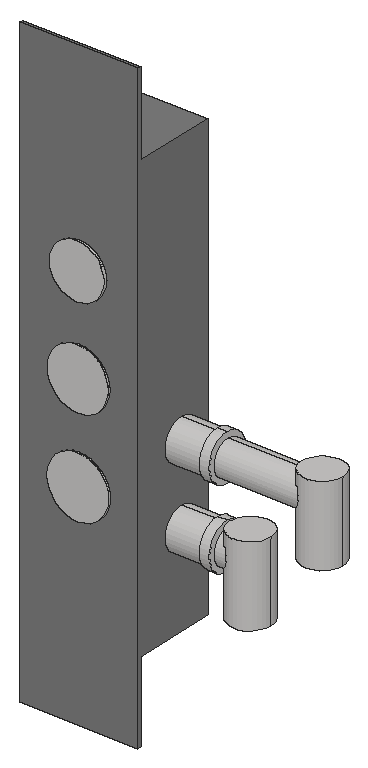
Revit family "5600VA4", category Generic Models, Revit 2021
Family settings
  Can host rebar = No
  Round Connector Dimension = Use Diameter
  Part Type = Normal
  Work Plane-Based = No
  Always vertical = Yes
  Cut with Voids When Loaded = No
  Shared = No
  Room Calculation Point = No
Parameters (values of type "Standard")
  e-mail = "info@vola.com"
  URL = "http://vola.com"
  Telephone = "+45 7023 5500"
  Quality management standard = "ISO 9001"
  Organisation no. / DUNS no. = "17531328"
  Occupational health and safety management standard = "ISO 18001"
  Mounting Instructions = "http://vola.com/service/producturl.ashx?name=5600V"
  Model = "5600VA4"
  Materials and components information = "http://vola.com/service/producturl.ashx?name=5600V"
  Manufacturer = "VOLA A/S"
  Maintenance Instructions = "http://vola.com/service/producturl.ashx?name=5600V"
  Guarantee = "2 years"
  Flow = "43,00 l/min"
  Environmental management standard = "ISO 14000"
  Default Elevation = 0.00 mm
  Connection - All relevant connections = ""
  Approvals = "http://vola.com/service/producturl.ashx?name=5600V"
Reference planes
  plane 1 "Center (Front/Back)": y = 0
  plane 2: z = 0
  plane 3 "Center (Left/Right)": x = 0
  plane 4 "Front Plane": y = -72.5
  plane 5 "Inlet Center Plane": y = -25
  plane 6: x = 26.42
Forms (mm)
  Extrusion 1, solid, material "Stainless Steel"
    sketch origin (95.42, 0, 135.75) x (0, 0, 1) y (-1, 0, 0)
      loop
        circle (39, 69) r 22
    from 70.5 to 72.5
  Extrusion 2, solid, material "Default"
    sketch origin (95.42, 0, 39) x (0, 0, 1) y (0, 1, 0)
      loop
        line (-127.5, 0) -> (-127.5, -68) -> (230.5, -68) -> (230.5, 0) -> (-127.5, 0)
    from 21.5 to 116.5
  Extrusion 3, solid, material "Default"
    sketch origin (95.42, 0, 39) x (0, 0, 1) y (0, 1, 0)
      loop
        line (-192.5, -68) -> (-192.5, -70.5) -> (298, -70.5) -> (298, -68) -> (-192.5, -68)
    from 21.5 to 116.5
  Extrusion 4, solid, material "Stainless Steel"
    sketch origin (95.42, 0, 57.75) x (0, 0, 1) y (-1, 0, 0)
      loop
        circle (39, 69) r 24.595
    from 70.5 to 71.475
  Extrusion 5, solid, material "Stainless Steel"
    sketch origin (95.42, 0, -20.25) x (0, 0, 1) y (-1, 0, 0)
      loop
        circle (39, 69) r 24.875
    from 70.5 to 71.475
  Extrusion 6, solid, material "Stainless Steel"
    sketch origin (73.92, -2.5, 62.75) x (0, 0, -1) y (0, 1, 0)
      loop
        circle (12, -25) r 16.5
    from 0 to 29.77
  Extrusion 7, solid, material "Stainless Steel"
    sketch origin (73.92, -2.5, -1.25) x (0, 0, -1) y (0, 1, 0)
      loop
        circle (12, -25) r 16.5
    from 0 to 29.77
  Extrusion 8, solid, material "Stainless Steel"
    sketch origin (103.69, -2.5, 62.75) x (0, 0, -1) y (0, 1, 0)
      loop
        circle (12, -25) r 18.5
    from 0 to 7.73
  Extrusion 9, solid, material "Stainless Steel"
    sketch origin (103.69, -2.5, -1.25) x (0, 0, -1) y (0, 1, 0)
      loop
        circle (12, -25) r 18.5
    from 0 to 7.73
  Extrusion 10, solid, material "Stainless Steel"
    sketch origin (111.42, -2.5, 62.75) x (0, 0, -1) y (0, 1, 0)
      loop
        circle (12, -25) r 14
    from 0 to 76.5
  Extrusion 11, solid, material "Stainless Steel"
    sketch origin (111.42, -2.5, -1.25) x (0, 0, -1) y (0, 1, 0)
      loop
        circle (12, -25) r 14
    from 0 to 18.5
  Extrusion 12, solid, material "Stainless Steel"
    sketch origin (4.5, 0, 64) x (1, 0, 0) y (0, 1, 0)
      loop
        circle (125.42, -27.5) r 16.5
    from -122.75 to -58.75
  Extrusion 13, solid, material "Stainless Steel"
    sketch origin (62.5, 0, 123.5) x (1, 0, 0) y (0, 1, 0)
      loop
        circle (125.42, -27.5) r 16.5
    from -118.25 to -54.25
Cuts and joins
  joined: Extrusion 2, Extrusion 3
  joined: Extrusion 10, Extrusion 13
  joined: Extrusion 11, Extrusion 12
Lines and regions (mm)
  reference lines
    curve 1: line (26.42, -25, 18.75) -> (26.42, -122.5, 18.75)
    curve 2: line (26.42, -25, 96.75) -> (26.42, -122.5, 96.75)
    curve 3: line (26.42, -25, 174.75) -> (26.42, -122.5, 174.75)
    curve 4: line (26.42, -25, 174.75) -> (-72.58, -25, 174.75)
    curve 5: line (26.42, -36, 174.75) -> (125.42, -36, 174.75)
    curve 6: line (26.42, -27.5, 50.75) -> (125.42, -27.5, 50.75)
    curve 7: line (26.42, -27.5, -13.25) -> (125.42, -27.5, -13.25)
Dimensions and locks
  aligned and locked: plane 2 to level
  aligned and locked: Extrusion 2 to Extrusion 3
  aligned and locked: Extrusion 3 to Extrusion 2
